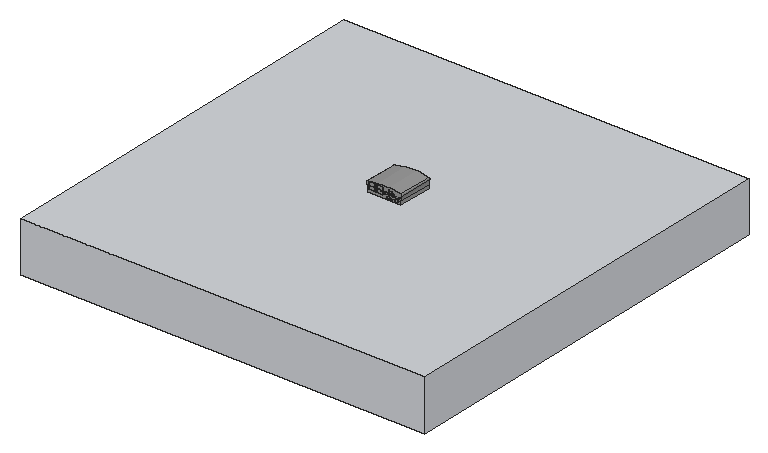
Revit family "Dallmeier_Recorder_VideoNetBox_MK3", category Allgemeines Modell, Revit 2019
Family settings
  Basisbauteil = Fläche
  Kann Basisbauteil für Bewehrung sein = Nein
  Bemaßung runder Anschluss = Radius verwenden
  Teiletyp = Normal
  Beim Laden mit Abzugskörper schneiden = Nein
  Gemeinsam genutzt = Nein
  Raumberechnungspunkt = Nein
Parameters (values of type "Video Net Box III")
  weight = 3.20 kg
  voltage supply = 12 V
  storage capacity in TB = 4
  power consumption = 15 W
  operating temperature = "+5°C up to +40°C"
  dimensions = "215x75x206mm"
  channels = 16
  Default Elevation = 1219.2 mm
  URL = "https://www.dallmeier.com/fileadmin/user_upload/Downloads/Download_Centre/01_Documents/03_Recorder/01_Rack-Mount/IPS_10000_MK2/01_Specification/ds_IPS_10000_MK2_de.pdf"
  RAID 1 = yes
  Modell = "IPS 10000 MK2"
  Max. Bitrate = "140Mbps"
  Hersteller = "Dallmeier electronic GmbH"
Reference planes
  plane 1 "Mitte (Vorne/hinten)": y = 0
  plane 2: z = 0
  plane 3 "Mitte (Links/rechts)": x = 0
Forms (mm)
  Extrusion 1, solid
    sketch origin (0, 0, 0) x (1, 0, 0) y (0, 1, 0)
      loop
        line (-1219.2, 1219.2) -> (-1219.2, -1219.2) -> (1219.2, -1219.2) -> (1219.2, 1219.2) -> (-1219.2, 1219.2)
    from 0 to -304.8
  Extrusion 2, void, not visible
    sketch origin (-345.983, 40, 0) x (-1, 0, 0) y (0, -1, 0)
      loop
        line (-142.891, 21.727) -> (-142.891, 24.603) -> (-145.696, 24.603) -> (-145.696, 21.727) -> (-142.891, 21.727)
    from 3.837 to 11.095
  Extrusion 3, solid, material "Panomera_Schwarz"
    sketch origin (-14.002, 0, 32.03) x (-1, 0, 0) y (0, 0, -1)
      loop
        line (86.141, 32.15) -> (-115.367, 32.15) -> (-115.367, 10.782)
        arc (-115.367, 10.782) -> (-117.361, -3.664) -> (-122.001, -17.489) r 78.281
        arc (-122.001, -17.489) -> (-120.772, -23.872) -> (-115.194, -27.21) r 7.959
        arc (-115.194, -27.21) -> (-14.674, -40.026) -> (85.846, -27.21) r 400.608
        arc (85.846, -27.21) -> (91.804, -23.34) -> (92.176, -16.246) r 7.825
        arc (92.176, -16.246) -> (87.666, -2.365) -> (86.141, 12.15) r 69.812
        line (86.141, 12.15) -> (86.141, 32.15)
    from 0 to -206
  Extrusion 4, void
    sketch origin (1.755, 0, 0.219) x (1, 0, 0) y (0, 0, 1)
      loop
        line (-91.847, 38.509) -> (-12.812, 38.509)
        arc (-12.812, 38.509) -> (-12.105, 38.802) -> (-11.812, 39.509) r 1
        line (-11.812, 39.509) -> (-11.812, 56.61)
        arc (-11.812, 56.61) -> (-12.105, 57.317) -> (-12.812, 57.61) r 1
        line (-12.812, 57.61) -> (-91.847, 57.61)
        arc (-91.847, 57.61) -> (-92.554, 57.317) -> (-92.847, 56.61) r 1
        line (-92.847, 56.61) -> (-92.847, 39.509)
        arc (-92.847, 39.509) -> (-92.554, 38.802) -> (-91.847, 38.509) r 1
      loop
        line (-91.847, 18.328) -> (-12.812, 18.328)
        arc (-12.812, 18.328) -> (-12.105, 18.62) -> (-11.812, 19.328) r 1
        line (-11.812, 19.328) -> (-11.812, 36.12)
        arc (-11.812, 36.12) -> (-12.105, 36.827) -> (-12.812, 37.12) r 1
        line (-12.812, 37.12) -> (-91.847, 37.12)
        arc (-91.847, 37.12) -> (-92.554, 36.827) -> (-92.847, 36.12) r 1
        line (-92.847, 36.12) -> (-92.847, 19.328)
        arc (-92.847, 19.328) -> (-92.554, 18.62) -> (-91.847, 18.328) r 1
      loop
        line (26.34, 28.989) -> (43.341, 28.989) -> (43.341, 54.299) -> (26.34, 54.299) -> (26.34, 28.989)
      loop
        line (46.859, 28.989) -> (53.381, 28.989) -> (53.381, 42.326) -> (46.859, 42.326) -> (46.859, 28.989)
      loop
        line (55.799, 28.989) -> (91.78, 28.989) -> (91.78, 38.989) -> (55.799, 38.989) -> (55.799, 28.989)
      loop
        line (16.154, 11.475) -> (30.151, 11.475) -> (30.151, 18.328) -> (16.154, 18.328) -> (16.154, 11.475)
      loop
        line (33.229, 11.475) -> (47.208, 11.475) -> (47.208, 18.328) -> (33.229, 18.328) -> (33.229, 11.475)
      loop
        line (4.738, 26.537) -> (23.645, 26.537)
        arc (23.645, 26.537) -> (24.352, 26.83) -> (24.645, 27.537) r 1
        line (24.645, 27.537) -> (24.645, 36.12)
        arc (24.645, 36.12) -> (24.352, 36.827) -> (23.645, 37.12) r 1
        line (23.645, 37.12) -> (4.738, 37.12)
        arc (4.738, 37.12) -> (4.03, 36.827) -> (3.738, 36.12) r 1
        line (3.738, 36.12) -> (3.738, 27.537)
        arc (3.738, 27.537) -> (4.03, 26.83) -> (4.738, 26.537) r 1
      loop
        circle (-52.53, 47.639) r 7.545
      loop
        circle (-52.446, 27.583) r 7.511
      loop
        circle (73.596, 14.781) r 10
      loop
        line (4.238, 36.12) -> (4.238, 27.537)
        arc (4.238, 27.537) -> (4.384, 27.183) -> (4.738, 27.037) r 0.5
        line (4.738, 27.037) -> (23.645, 27.037)
        arc (23.645, 27.037) -> (23.998, 27.183) -> (24.145, 27.537) r 0.5
        line (24.145, 27.537) -> (24.145, 36.12)
        arc (24.145, 36.12) -> (23.998, 36.474) -> (23.645, 36.62) r 0.5
        line (23.645, 36.62) -> (4.738, 36.62)
        arc (4.738, 36.62) -> (4.384, 36.474) -> (4.238, 36.12) r 0.5
      loop
        line (26.84, 41.344) -> (26.84, 29.489) -> (42.841, 29.489) -> (42.841, 41.344) -> (26.84, 41.344)
      loop
        line (42.841, 53.799) -> (26.84, 53.799) -> (26.84, 41.944) -> (42.841, 41.944) -> (42.841, 53.799)
      loop
        line (47.359, 41.826) -> (47.359, 29.489) -> (52.881, 29.489) -> (52.881, 41.826) -> (47.359, 41.826)
      loop
        line (56.299, 29.489) -> (91.28, 29.489) -> (91.28, 38.489) -> (56.299, 38.489) -> (56.299, 29.489)
      loop
        circle (73.596, 14.781) r 9.5
      loop
        line (46.708, 17.828) -> (33.729, 17.828) -> (33.729, 11.975) -> (46.708, 11.975) -> (46.708, 17.828)
      loop
        line (16.654, 11.975) -> (29.651, 11.975) -> (29.651, 17.828) -> (16.654, 17.828) -> (16.654, 11.975)
      loop
        line (-91.847, 18.828) -> (-12.812, 18.828)
        arc (-12.812, 18.828) -> (-12.459, 18.974) -> (-12.312, 19.328) r 0.5
        line (-12.312, 19.328) -> (-12.312, 36.12)
        arc (-12.312, 36.12) -> (-12.459, 36.474) -> (-12.812, 36.62) r 0.5
        line (-12.812, 36.62) -> (-91.847, 36.62)
        arc (-91.847, 36.62) -> (-92.2, 36.474) -> (-92.347, 36.12) r 0.5
        line (-92.347, 36.12) -> (-92.347, 19.328)
        arc (-92.347, 19.328) -> (-92.2, 18.974) -> (-91.847, 18.828) r 0.5
      loop
        line (-91.847, 39.009) -> (-12.812, 39.009)
        arc (-12.812, 39.009) -> (-12.459, 39.155) -> (-12.312, 39.509) r 0.5
        line (-12.312, 39.509) -> (-12.312, 56.61)
        arc (-12.312, 56.61) -> (-12.459, 56.963) -> (-12.812, 57.11) r 0.5
        line (-12.812, 57.11) -> (-91.847, 57.11)
        arc (-91.847, 57.11) -> (-92.2, 56.963) -> (-92.347, 56.61) r 0.5
        line (-92.347, 56.61) -> (-92.347, 39.509)
        arc (-92.347, 39.509) -> (-92.2, 39.155) -> (-91.847, 39.009) r 0.5
      loop
        circle (-52.53, 47.639) r 7.245
      loop
        circle (-52.446, 27.583) r 7.211
    from 0 to -2
Cuts and joins
  Extrusion 4 cuts Extrusion 3
Dimensions and locks
  equal spacing: group 2, group 3, group 4, group 5, group 6, group 7, group 8, group 9  (x3)
  aligned and locked: plane 2 to Extrusion 1
  aligned and locked: level to Extrusion 1
Connectors
  electrical at (36.595, 0, 48.091)
    settings: on Extrusion 4, index 1, voltage 0 V, apparent load 0 VA, apparent load phase1 0 VA, apparent load phase2 0 VA, apparent load phase3 0 VA, power factor 1, load classification "Sonstige", number of poles 1, system type 5, power factor state 1, is connector primary yes, connector utility no, sub classification motor no, connector description "RJ45 - Ethernet"
  electrical at (36.595, 0, 35.636)
    settings: on Extrusion 4, index 2, voltage 0 V, apparent load 0 VA, apparent load phase1 0 VA, apparent load phase2 0 VA, apparent load phase3 0 VA, power factor 1, load classification "Sonstige", number of poles 1, system type 5, power factor state 1, is connector primary no, connector utility no, sub classification motor no, connector description "RJ45 - Ethernet"
  electrical at (75.35, 0, 15), driven by "voltage supply", driven by "power consumption"
    settings: on Extrusion 4, index 3, voltage 12 V, apparent load 15 VA, apparent load phase1 0 VA, apparent load phase2 0 VA, apparent load phase3 0 VA, power factor 1, load classification "Sonstige", number of poles 1, system type 30, power factor state 1, is connector primary no, connector utility no, sub classification motor no, connector description ""
